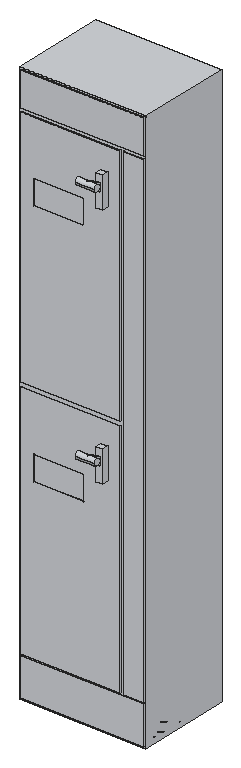
Revit family "M_Centros de controle de motor modular - Corte de monitoramento de alimentação", category Equipamento elétrico, Revit 2019
Family settings
  Cota do conector redondo = Utilizar diâmetro
  Tipo de parte = Quadro elétrico
  Número OmniClass = 23.80.30.11.17
  Título OmniClass = Distribution Boards and Control Panels
  ID de item do Seek = Modular Motor Control Centers - Power Monitoring Section-0000-CAN-ENU
  Com base no plano de trabalho = Não
  Sempre na vertical = Sim
  Corte com vazios quando carregada = Não
  Compartilhado = Não
  Ponto de cálculo do ambiente = Não
Parameters (values of type "508mmx381mm")
  Voltagem do interruptor = 480 V
  Material do interruptor = none
  Número de pólos = 3
  built-in parameter 1140079 [instance] = 3
  MCC Largura = Largura do armário + 101.6 mm  # 482.6 mm
  MCC Material = none
  Classificação de carga = AVAC
  built-in parameter 1140083 [instance] = "Tipo 12"
  built-in parameter 1140087 [instance] = 1
  Largura do armário = 381 mm
  Comprimento do armário = 508 mm
Types (4, lengths in mm): name | MCC Largura | Largura do armário | Comprimento do armário
  (no name) | 482.6 | 381 | 508
  508mmx381mm | 482.6 | 381 | 508
  508mmx508mm | 609.6 | 508 | 508
  610mmx508mm | 609.6 | 508 | 610
Reference planes
  plane 1 "Centro (Frente/Trás)": y = 0
  plane 2: z = 0
  plane 3 "Centro (Esquerda/Direita)": x = 0
  plane 4: x = -254
  plane 5: x = 254
  plane 6: z = 2286
  plane 7: y = -381
  plane 8: z = 6.35
  plane 9: x = -247.65
  plane 10: x = 247.65
  plane 11: z = 158.75
  plane 12: y = -384.175
  plane 13: x = 165.1
  plane 14: z = 2279.65
  plane 15: z = 2139.95
  plane 16: z = 165.1
  plane 17: z = 2127.25
  plane 18: z = 1149.35
  plane 19: x = 152.4
  plane 20: z = 1130.3
  plane 21: z = 908.05
  plane 22: x = -196.85
  plane 23: x = 6.35
  plane 24: z = 806.45
  plane 25: z = 1905
  plane 26: z = 1803.4
  plane 27: z = 1905
  plane 28: z = 914.4
  plane 29: x = 50.8
  plane 30: y = -190.5
  plane 31: x = 203.2
Forms (mm)
  Extrusion 1, solid, material <- "MCC Material"
    sketch origin (0, 0, 0) x (1, 0, 0) y (0, 0, 1)
      loop
        line (-254, 2286) -> (-254, 0) -> (254, 0) -> (254, 2286) -> (-254, 2286)
    from 0 to 381
  Extrusion 2, solid, material <- "MCC Material"
    sketch origin (0, 0, 0) x (1, 0, 0) y (0, 0, 1)
      loop
        line (-247.65, 158.75) -> (-247.65, 6.35) -> (247.65, 6.35) -> (247.65, 158.75) -> (-247.65, 158.75)
    from 381 to 384.175
  Extrusion 3, solid, material <- "MCC Material"
    sketch origin (0, 0, 0) x (1, 0, 0) y (0, 0, 1)
      loop
        line (-247.65, 2279.65) -> (-247.65, 2139.95) -> (247.65, 2139.95) -> (247.65, 2279.65) -> (-247.65, 2279.65)
    from 381 to 384.175
  Extrusion 4, solid, material <- "MCC Material"
    sketch origin (0, 0, 0) x (1, 0, 0) y (0, 0, 1)
      loop
        line (165.1, 2127.25) -> (165.1, 165.1) -> (247.65, 165.1) -> (247.65, 2127.25) -> (165.1, 2127.25)
    from 381 to 384.175
  Extrusion 5, solid, material <- "MCC Material"
    sketch origin (0, 0, 0) x (1, 0, 0) y (0, 0, 1)
      loop
        line (-247.65, 2127.25) -> (-247.65, 1149.35) -> (152.4, 1149.35) -> (152.4, 2127.25) -> (-247.65, 2127.25)
    from 381 to 384.175
  Extrusion 6, solid, material <- "MCC Material"
    sketch origin (0, 0, 0) x (1, 0, 0) y (0, 0, 1)
      loop
        line (-247.65, 1130.3) -> (-247.65, 165.1) -> (152.4, 165.1) -> (152.4, 1130.3) -> (-247.65, 1130.3)
    from 381 to 384.175
  Extrusion 7, void
    sketch origin (0, 0, 0) x (1, 0, 0) y (0, 0, 1)
      loop
        line (-196.85, 908.05) -> (-196.85, 806.45) -> (6.35, 806.45) -> (6.35, 908.05) -> (-196.85, 908.05)
    from 381 to 384.175
  Extrusion 8, void
    sketch origin (0, 0, 0) x (1, 0, 0) y (0, 0, 1)
      loop
        line (-196.85, 1905) -> (-196.85, 1803.4) -> (6.35, 1803.4) -> (6.35, 1905) -> (-196.85, 1905)
    from 381 to 384.175
  Extrusion 9, solid, material <- "MCC Material"
    sketch origin (0, 0, 0) x (1, 0, 0) y (0, 1, 0)
      loop
        circle (203.2, -190.5) r 6.35
    from 2279.65 to 2286
  Extrusion 10, solid, material <- "MCC Material"
    sketch origin (0, 0, 0) x (1, 0, 0) y (0, 1, 0)
      loop
        line (-254, 0) -> (-254, -381) -> (254, -381) -> (254, 0) -> (-254, 0)
    from 0 to 2286
Cuts and joins
  Extrusion 7, Extrusion 8 cuts Extrusion 1
  Extrusion 8 cuts Extrusion 5
  Extrusion 7 cuts Extrusion 6
  joined: Extrusion 1, Extrusion 2, Extrusion 3, Extrusion 4, Extrusion 5, Extrusion 6, Extrusion 9
Dimensions and locks
  equal spacing: plane 5, plane 3 "Centro (Esquerda/Direita)", plane 4
  "Comprimento do armário": plane 5 to plane 4
  locked: plane 6 to plane 2 at 2286
  "Largura do armário": plane 7 to plane 1 "Centro (Frente/Trás)"
  locked: plane 8 to plane 2 at 6.35
  locked: plane 9 to plane 4 at 6.35
  locked: plane 5 to plane 10 at 6.35
  locked: plane 11 to plane 8 at 152.4
  locked: plane 7 to plane 12 at 3.175
  locked: plane 10 to plane 13 at 82.55
  locked: plane 6 to plane 14 at 6.35
  locked: plane 14 to plane 15 at 139.7
  locked: plane 16 to plane 11 at 6.35
  locked: plane 15 to plane 17 at 12.7
  locked: plane 17 to plane 18 at 977.9
  locked: plane 13 to plane 19 at 12.7
  locked: plane 18 to plane 20 at 19.05
  locked: plane 20 to plane 21 at 222.25
  locked: plane 22 to plane 9 at 50.8
  locked: plane 23 to plane 22 at 203.2
  locked: plane 21 to plane 24 at 101.6
  locked: plane 17 to plane 25 at 222.25
  locked: plane 25 to plane 26 at 101.6
  locked: plane 6 to plane 27 at 381
  locked: plane 27 to plane 28 at 990.6
  locked: plane 5 to plane 29 at 203.2
  equal spacing: plane 1 "Centro (Frente/Trás)", plane 30, plane 7
  locked: plane 31 to plane 5 at 50.8
  aligned and locked: plane 4 to Extrusion 1 sketch curve
  aligned and locked: Extrusion 1 sketch curve to plane 6
  aligned and locked: plane 2 to Extrusion 1 sketch curve
  aligned and locked: Extrusion 1 sketch curve to plane 5
  aligned and locked: Extrusion 1 to plane 1 "Centro (Frente/Trás)"
  aligned and locked: Extrusion 1 to plane 7
  aligned and locked: plane 9 to Extrusion 2 sketch curve
  aligned and locked: Extrusion 2 sketch curve to plane 11
  aligned and locked: plane 8 to Extrusion 2 sketch curve
  aligned and locked: Extrusion 2 sketch curve to plane 10
  aligned and locked: Extrusion 2 to plane 12
  aligned and locked: plane 7 to Extrusion 2
  aligned and locked: Extrusion 3 sketch curve to plane 14
  aligned and locked: plane 15 to Extrusion 3 sketch curve
  aligned and locked: Extrusion 3 sketch curve to plane 10
  aligned and locked: plane 9 to Extrusion 3 sketch curve
  aligned and locked: Extrusion 3 to Extrusion 2
  aligned and locked: Extrusion 3 to Extrusion 1
  aligned and locked: plane 13 to Extrusion 4 sketch curve
  aligned and locked: Extrusion 4 sketch curve to plane 17
  aligned and locked: plane 16 to Extrusion 4 sketch curve
  aligned and locked: Extrusion 4 sketch curve to plane 10
  aligned and locked: Extrusion 2 to Extrusion 4
  aligned and locked: Extrusion 4 to Extrusion 1
  aligned and locked: plane 9 to Extrusion 5 sketch curve
  aligned and locked: Extrusion 5 sketch curve to plane 17
  aligned and locked: plane 18 to Extrusion 5 sketch curve
  aligned and locked: Extrusion 5 sketch curve to plane 19
  aligned and locked: Extrusion 5 to Extrusion 2
  aligned and locked: Extrusion 5 to Extrusion 1
  aligned and locked: plane 9 to Extrusion 6 sketch curve
  aligned and locked: Extrusion 6 sketch curve to plane 20
  aligned and locked: plane 16 to Extrusion 6 sketch curve
  aligned and locked: Extrusion 6 sketch curve to plane 19
  aligned and locked: Extrusion 6 to Extrusion 2
  aligned and locked: Extrusion 6 to Extrusion 1
  aligned and locked: plane 22 to Extrusion 7 sketch curve
  aligned and locked: Extrusion 7 sketch curve to plane 21
  aligned and locked: plane 24 to Extrusion 7 sketch curve
  aligned and locked: Extrusion 7 sketch curve to plane 23
  aligned and locked: Extrusion 2 to Extrusion 7
  aligned and locked: plane 7 to Extrusion 7
  aligned and locked: Extrusion 2 to Extrusion 8
  aligned and locked: plane 7 to Extrusion 8
  aligned and locked: plane 27 to nested 1
  aligned and locked: nested 1 to plane 29
  aligned and locked: plane 28 to nested 2
  aligned and locked: nested 2 to plane 29
  aligned and locked: plane 31 to Extrusion 9 sketch curve
  aligned and locked: plane 30 to Extrusion 9 sketch curve
  aligned and locked: plane 6 to Extrusion 9
  aligned and locked: Extrusion 9 to plane 14
  aligned and locked: Extrusion 10 sketch curve to cut or joined group 1 (Extrusion 1, Extrusion 2, Extrusion 3, Extrusion 4, Extrusion 5, Extrusion 6, Extrusion 7, Extrusion 8, Extrusion 9)  (x4)
  aligned and locked: plane 6 to Extrusion 10
  aligned and locked: Extrusion 10 to level
  aligned and locked: plane 12 to nested 2
  aligned and locked: plane 12 to nested 1
Automatic sketch dimensions
  Extrusion 8 sketch curve to plane 22 = 0 mm
  Extrusion 8 sketch curve to plane 23 = 0 mm
  Extrusion 8 sketch curve to plane 26 = 0 mm
  Extrusion 8 sketch curve to plane 25 = 0 mm
  radius of Extrusion 9 sketch curve = 6.35 mm
Nested families
  nested 1: "M_Interruptor  A" at (76.2, -384.175, 2032), type "Padrão", detail levels fine
  nested 2: "M_Interruptor  A" at (76.2, -384.175, 1041.4), type "Padrão", detail levels fine
Connectors
  electrical at (203.2, -190.5, 2286), driven by "Número de pólos", driven by "Voltagem do interruptor", driven by "Classificação de carga"
    settings: on Extrusion 9, index 1, voltage 480 V, apparent load 0 VA, apparent load phase1 0 VA, apparent load phase2 0 VA, apparent load phase3 0 VA, power factor 0.8, load classification "AVAC", number of poles 3, system type 31, power factor state 1, is connector primary yes, connector utility no, sub classification motor no, connector description ""
  cabletrayconduit at (0, -190.5, 2286), diameter 600
    settings: on cut or joined group 1, index 2, connector width 300 mm, connector height 300 mm, connector angle 0.00°, system type 32, placement type 1, profile type 0, connector reference index -1, is primary connector yes, connector utility param no, connector description ""
  cabletrayconduit at (-254, -190.5, 1143), diameter 600
    settings: on cut or joined group 1, index 3, connector width 300 mm, connector height 300 mm, connector angle 0.00°, system type 32, placement type 1, profile type 0, connector reference index -1, is primary connector no, connector utility param no, connector description ""
  cabletrayconduit at (254, -190.5, 1143), diameter 600
    settings: on cut or joined group 1, index 4, connector width 300 mm, connector height 300 mm, connector angle 0.00°, system type 32, placement type 1, profile type 0, connector reference index -1, is primary connector no, connector utility param no, connector description ""
  cabletrayconduit at (0, 0, 1143), diameter 600
    settings: on cut or joined group 1, index 5, connector width 300 mm, connector height 300 mm, connector angle 0.00°, system type 32, placement type 1, profile type 0, connector reference index -1, is primary connector no, connector utility param no, connector description ""
  cabletrayconduit at (0, -190.5, 0), diameter 600
    settings: on cut or joined group 1, index 6, connector width 300 mm, connector height 300 mm, connector angle 0.00°, system type 32, placement type 1, profile type 0, connector reference index -1, is primary connector no, connector utility param no, connector description ""
Definition of nested family "M_Interruptor  A"
  Parameters
    Material = none
    Assembly Code = ""
  Reference planes
    plane 1 "Centro (Frente/Trás)": y = 0
    plane 2: z = 0
    plane 3 "Centro (Esquerda/Direita)": x = 0
    plane 4: x = 25.4
    plane 5: z = -127
    plane 6: y = -25.4
    plane 7: z = -63.5
    plane 8: z = -31.75
    plane 9: y = -85.725
    plane 10: through (0, -25.4, -63.5) normal (0, 0.5, 0.866)
    plane 11: through (0, -25.4, -31.75) normal (0, 0.5, 0.866)
    plane 12: x = 9.525
    plane 13: x = 15.875
    plane 14: through (0, -66.199, -24.07) normal (0, 0.5, 0.866)
    plane 15: x = -25.4
    plane 16: x = 50.8
  Forms (mm)
    Extrusion 1, solid, material <- "Material"
      sketch origin (0, 0, 0) x (1, 0, 0) y (0, 0, 1)
        loop
          line (0, 0) -> (0, -127) -> (25.4, -127) -> (25.4, 0) -> (0, 0)
      from 0 to 25.4
    Extrusion 2, solid, material <- "Material"
      sketch origin (0, 0, 0) x (0, 1, 0) y (0, 0, 1)
        loop
          line (-25.4, -31.75) -> (-85.725, 3.079) -> (-85.725, -28.671) -> (-25.4, -63.5) -> (-25.4, -31.75)
      from 9.525 to 15.875
    Extrusion 3, solid, material <- "Material"
      sketch origin (0, 0, 0) x (0, 1, 0) y (0, 0, 1)
        loop
          circle (-85.725, -12.796) r 12.7
      from -25.4 to 50.8
  Cuts and joins
    joined: Extrusion 1, Extrusion 2, Extrusion 3
  Dimensions and locks
    locked: plane 2 to plane 5 at 127
    locked: plane 6 to plane 1 "Centro (Frente/Trás)" at 25.4
    locked: plane 7 to plane 5 at 63.5
    locked: plane 2 to plane 8 at 31.75
    locked: plane 6 to plane 9 at 60.325
    locked: plane 12 to plane 3 "Centro (Esquerda/Direita)" at 9.525
    locked: plane 4 to plane 13 at 9.525
    equal spacing: plane 11, plane 14, plane 10
    locked: plane 4 to plane 16 at 25.4
    locked: plane 15 to plane 3 "Centro (Esquerda/Direita)" at 25.4
    locked: plane 7 to plane 10 (angle 30.00°)
    locked: plane 8 to plane 11 (angle 30.00°)
    locked: plane 2 to plane 14 (angle 30.00°)
    aligned and locked: plane 3 "Centro (Esquerda/Direita)" to Extrusion 1 sketch curve
    aligned and locked: Extrusion 1 sketch curve to plane 2
    aligned and locked: plane 5 to Extrusion 1 sketch curve
    aligned and locked: Extrusion 1 sketch curve to plane 4
    aligned and locked: Extrusion 1 to plane 6
    aligned and locked: Extrusion 1 to plane 1 "Centro (Frente/Trás)"
    aligned and locked: Extrusion 2 sketch curve to plane 11
    aligned and locked: Extrusion 1 to Extrusion 2 sketch curve
    aligned and locked: Extrusion 2 sketch curve to plane 10
    aligned and locked: plane 9 to Extrusion 2 sketch curve  (x2)
    aligned and locked: Extrusion 2 sketch curve to plane 6
    aligned and locked: Extrusion 2 to plane 12
    aligned and locked: plane 13 to Extrusion 2
    aligned and locked: Extrusion 3 to plane 15
    aligned and locked: plane 16 to Extrusion 3
  Automatic sketch dimensions
    Extrusion 1 sketch curve to plane 5 = 0 mm
    Extrusion 3 sketch curve to plane 9 = 0 mm
    Extrusion 3 sketch curve to plane 14 = 0 mm
    radius of Extrusion 3 sketch curve = 12.7 mm
